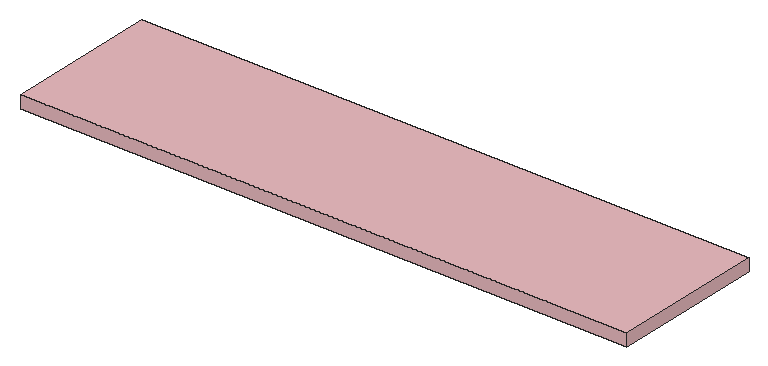
Revit family "Envirocoustic-Wood-Wool-panel", category Specialty Equipment, Revit 2024
Family settings
  Round Connector Dimension = Use Diameter
  Part Type = Normal
  OmniClass Number = 23.35.00.00
  OmniClass Title = Covering, Cladding, and Finishes
  Work Plane-Based = Yes
  Enable Cutting in Views = Yes
  Always vertical = No
  Cut with Voids When Loaded = No
  Maintain Annotation Orientation = No
  Shared = No
  Room Calculation Point = No
Parameters (values of type "2" Square 2ft x 8ft Custom Painted")
  URL = "https://www.acousticalsurfaces.com/envirocoustic-wood-wool/ceiling-wall-panels/"
  Type Comments = "Acoustic panels for vertical and horizontal surfaces"
  Thickness Options = 2
  T = if(Thickness Options = 0, 0' 1", 0' 0") + if(Thickness Options = 1, 0' 1 3/8", 0' 0") + if(Thickness Options = 2, 0' 2", 0' 0")  # 0' - 2"
  Recycled Content Percentage = "0%"
  Model = "Envirocoustic Wood Wool"
  Material = "Envirocoustic Wood Wool"
  Manufacturer = "Acoustical Surfaces, Inc."
  Fire Rating = "ASTM E84 - Class A"
  Finish = Paint - Acoustical-Surfaces - Custom Painted
  Edge Option = 2
  ‍     2. Square = Edge Option = 2  # yes
  ‍     1. Beveled = Edge Option = 1  # no
  Width = 2' - 0"
  Length = 8' - 0"
  ‍      2. Thickness 2" = Thickness Options = 2  # yes
  ‍      1. Thickness 1-3/8" = Thickness Options = 1  # no
  ‍      0. Thickness 1" = Thickness Options = 0  # no
  Description = "Acoustic Panels"
  Default Elevation = 4' - 0"
  Backfill = no
  Assembly Code = "C30"
  Acoustics - NRC = "Sound absorption varies from NRC 0.45 to 0.95 based on installation method used when tested per ASTM C423."
  A = if(Backfill, 0' 1", 0' 0")  # 0' - 0"
Types (72): name | Thickness Options | T | Finish | Edge Option | ‍     2. Square | ‍     1. Beveled | Length | ‍      2. Thickness 2" | ‍      1. Thickness 1-3/8" | ‍      0. Thickness 1" | Default Elevation | Backfill | A
  2" Square 2ft x 8ft Custom Painted | 2 | 0' - 2" | Paint - Acoustical-Surfaces - Custom Painted | 2 | yes | no | 8' - 0" | yes | no | no | 4' - 0" | no | 0' - 0"
  2" Square 2ft x 4ft Custom Painted | 2 | 0' - 2" | Paint - Acoustical-Surfaces - Custom Painted | 2 | yes | no | 4' - 0" | yes | no | no | 4' - 0" | no | 0' - 0"
  2" Square 2ft x 8ft Custom Painted With Backfill | 2 | 0' - 2" | Paint - Acoustical-Surfaces - Custom Painted | 2 | yes | no | 8' - 0" | yes | no | no | 4' - 0" | yes | 0' - 1"
  2" Square 2ft x 4ft Custom Painted With Backfill | 2 | 0' - 2" | Paint - Acoustical-Surfaces - Custom Painted | 2 | yes | no | 4' - 0" | yes | no | no | 4' - 0" | yes | 0' - 1"
  2" Square 2ft x 8ft Primed White | 2 | 0' - 2" | Paint - Acoustical-Surfaces - Primed White | 2 | yes | no | 8' - 0" | yes | no | no | 4' - 0" | no | 0' - 0"
  2" Square 2ft x 4ft Primed White | 2 | 0' - 2" | Paint - Acoustical-Surfaces - Primed White | 2 | yes | no | 4' - 0" | yes | no | no | 4' - 0" | no | 0' - 0"
  2" Square 2ft x 8ft Primed White With Backfill | 2 | 0' - 2" | Paint - Acoustical-Surfaces - Primed White | 2 | yes | no | 8' - 0" | yes | no | no | 4' - 0" | yes | 0' - 1"
  2" Square 2ft x 4ft Primed White With Backfill | 2 | 0' - 2" | Paint - Acoustical-Surfaces - Primed White | 2 | yes | no | 4' - 0" | yes | no | no | 4' - 0" | yes | 0' - 1"
  2" Square 2ft x 8ft Primed Clear | 2 | 0' - 2" | Paint - Acoustical-Surfaces - Primed Clear | 2 | yes | no | 8' - 0" | yes | no | no | 4' - 0" | no | 0' - 0"
  2" Square 2ft x 4ft Primed Clear | 2 | 0' - 2" | Paint - Acoustical-Surfaces - Primed Clear | 2 | yes | no | 4' - 0" | yes | no | no | 4' - 0" | no | 0' - 0"
  2" Square 2ft x 8ft Primed Clear With Backfill | 2 | 0' - 2" | Paint - Acoustical-Surfaces - Primed Clear | 2 | yes | no | 8' - 0" | yes | no | no | 4' - 0" | yes | 0' - 1"
  2" Square 2ft x 4ft Primed Clear With Backfill | 2 | 0' - 2" | Paint - Acoustical-Surfaces - Primed Clear | 2 | yes | no | 4' - 0" | yes | no | no | 4' - 0" | yes | 0' - 1"
  2" Beveled 2ft x 8ft Custom Painted | 2 | 0' - 2" | Paint - Acoustical-Surfaces - Custom Painted | 1 | no | yes | 8' - 0" | yes | no | no | 4' - 0" | no | 0' - 0"
  2" Beveled 2ft x 4ft Custom Painted | 2 | 0' - 2" | Paint - Acoustical-Surfaces - Custom Painted | 1 | no | yes | 4' - 0" | yes | no | no | 2' - 0" | no | 0' - 0"
  2" Beveled 2ft x 8ft Custom Painted With Backfill | 2 | 0' - 2" | Paint - Acoustical-Surfaces - Custom Painted | 1 | no | yes | 8' - 0" | yes | no | no | 4' - 0" | yes | 0' - 1"
  2" Beveled 2ft x 4ft Custom Painted With Backfill | 2 | 0' - 2" | Paint - Acoustical-Surfaces - Custom Painted | 1 | no | yes | 4' - 0" | yes | no | no | 4' - 0" | yes | 0' - 1"
  2" Beveled 2ft x 8ft Primed White | 2 | 0' - 2" | Paint - Acoustical-Surfaces - Primed White | 1 | no | yes | 8' - 0" | yes | no | no | 4' - 0" | no | 0' - 0"
  2" Beveled 2ft x 4ft Primed White | 2 | 0' - 2" | Paint - Acoustical-Surfaces - Primed White | 1 | no | yes | 4' - 0" | yes | no | no | 4' - 0" | no | 0' - 0"
  2" Beveled 2ft x 8ft Primed White With Backfill | 2 | 0' - 2" | Paint - Acoustical-Surfaces - Primed White | 1 | no | yes | 8' - 0" | yes | no | no | 4' - 0" | yes | 0' - 1"
  2" Beveled 2ft x 4ft Primed White With Backfill | 2 | 0' - 2" | Paint - Acoustical-Surfaces - Primed White | 1 | no | yes | 4' - 0" | yes | no | no | 4' - 0" | yes | 0' - 1"
  2" Beveled 2ft x 8ft Primed Clear | 2 | 0' - 2" | Paint - Acoustical-Surfaces - Primed Clear | 1 | no | yes | 8' - 0" | yes | no | no | 4' - 0" | no | 0' - 0"
  2" Beveled 2ft x 4ft Primed Clear | 2 | 0' - 2" | Paint - Acoustical-Surfaces - Primed Clear | 1 | no | yes | 4' - 0" | yes | no | no | 4' - 0" | no | 0' - 0"
  2" Beveled 2ft x 8ft Primed Clear With Backfill | 2 | 0' - 2" | Paint - Acoustical-Surfaces - Primed Clear | 1 | no | yes | 8' - 0" | yes | no | no | 4' - 0" | yes | 0' - 1"
  2" Beveled 2ft x 4ft Primed Clear With Backfill | 2 | 0' - 2" | Paint - Acoustical-Surfaces - Primed Clear | 1 | no | yes | 4' - 0" | yes | no | no | 4' - 0" | yes | 0' - 1"
  1 3/8" Square 2ft x 8ft Custom Painted | 1 | 0' - 1 3/8" | Paint - Acoustical-Surfaces - Custom Painted | 2 | yes | no | 8' - 0" | no | yes | no | 4' - 0" | no | 0' - 0"
  1 3/8" Square 2ft x 4ft Custom Painted | 1 | 0' - 1 3/8" | Paint - Acoustical-Surfaces - Custom Painted | 2 | yes | no | 4' - 0" | no | yes | no | 4' - 0" | no | 0' - 0"
  1 3/8" Square 2ft x 8ft Custom Painted With Backfill | 1 | 0' - 1 3/8" | Paint - Acoustical-Surfaces - Custom Painted | 2 | yes | no | 8' - 0" | no | yes | no | 4' - 0" | yes | 0' - 1"
  1 3/8" Square 2ft x 4ft Custom Painted With Backfill | 1 | 0' - 1 3/8" | Paint - Acoustical-Surfaces - Custom Painted | 2 | yes | no | 4' - 0" | no | yes | no | 4' - 0" | yes | 0' - 1"
  1 3/8" Square 2ft x 8ft Primed White | 1 | 0' - 1 3/8" | Paint - Acoustical-Surfaces - Primed White | 2 | yes | no | 8' - 0" | no | yes | no | 4' - 0" | no | 0' - 0"
  1 3/8" Square 2ft x 4ft Primed White | 1 | 0' - 1 3/8" | Paint - Acoustical-Surfaces - Primed White | 2 | yes | no | 4' - 0" | no | yes | no | 4' - 0" | no | 0' - 0"
  1 3/8" Square 2ft x 8ft Primed White With Backfill | 1 | 0' - 1 3/8" | Paint - Acoustical-Surfaces - Primed White | 2 | yes | no | 8' - 0" | no | yes | no | 4' - 0" | yes | 0' - 1"
  1 3/8" Square 2ft x 4ft Primed White With Backfill | 1 | 0' - 1 3/8" | Paint - Acoustical-Surfaces - Primed White | 2 | yes | no | 4' - 0" | no | yes | no | 4' - 0" | yes | 0' - 1"
  1 3/8" Square 2ft x 8ft Primed Clear | 1 | 0' - 1 3/8" | Paint - Acoustical-Surfaces - Primed Clear | 2 | yes | no | 8' - 0" | no | yes | no | 4' - 0" | no | 0' - 0"
  1 3/8" Square 2ft x 4ft Primed Clear | 1 | 0' - 1 3/8" | Paint - Acoustical-Surfaces - Primed Clear | 2 | yes | no | 4' - 0" | no | yes | no | 4' - 0" | no | 0' - 0"
  1 3/8" Square 2ft x 8ft Primed Clear With Backfill | 1 | 0' - 1 3/8" | Paint - Acoustical-Surfaces - Primed Clear | 2 | yes | no | 8' - 0" | no | yes | no | 4' - 0" | yes | 0' - 1"
  1 3/8" Square 2ft x 4ft Primed Clear With Backfill | 1 | 0' - 1 3/8" | Paint - Acoustical-Surfaces - Primed Clear | 2 | yes | no | 4' - 0" | no | yes | no | 4' - 0" | yes | 0' - 1"
  1 3/8" Beveled 2ft x 8ft Custom Painted | 1 | 0' - 1 3/8" | Paint - Acoustical-Surfaces - Custom Painted | 1 | no | yes | 8' - 0" | no | yes | no | 4' - 0" | no | 0' - 0"
  1 3/8" Beveled 2ft x 4ft Custom Painted | 1 | 0' - 1 3/8" | Paint - Acoustical-Surfaces - Custom Painted | 1 | no | yes | 4' - 0" | no | yes | no | 4' - 0" | no | 0' - 0"
  1 3/8" Beveled 2ft x 8ft Custom Painted With Backfill | 1 | 0' - 1 3/8" | Paint - Acoustical-Surfaces - Custom Painted | 1 | no | yes | 8' - 0" | no | yes | no | 4' - 0" | yes | 0' - 1"
  1 3/8" Beveled 2ft x 4ft Custom Painted With Backfill | 1 | 0' - 1 3/8" | Paint - Acoustical-Surfaces - Custom Painted | 1 | no | yes | 4' - 0" | no | yes | no | 4' - 0" | yes | 0' - 1"
  1 3/8" Beveled 2ft x 8ft Primed White | 1 | 0' - 1 3/8" | Paint - Acoustical-Surfaces - Primed White | 1 | no | yes | 8' - 0" | no | yes | no | 4' - 0" | no | 0' - 0"
  1 3/8" Beveled 2ft x 4ft Primed White | 1 | 0' - 1 3/8" | Paint - Acoustical-Surfaces - Primed White | 1 | no | yes | 4' - 0" | no | yes | no | 4' - 0" | no | 0' - 0"
  1 3/8" Beveled 2ft x 8ft Primed White With Backfill | 1 | 0' - 1 3/8" | Paint - Acoustical-Surfaces - Primed White | 1 | no | yes | 8' - 0" | no | yes | no | 4' - 0" | yes | 0' - 1"
  1 3/8" Beveled 2ft x 4ft Primed White With Backfill | 1 | 0' - 1 3/8" | Paint - Acoustical-Surfaces - Primed White | 1 | no | yes | 4' - 0" | no | yes | no | 4' - 0" | yes | 0' - 1"
  1 3/8" Beveled 2ft x 8ft Primed Clear | 1 | 0' - 1 3/8" | Paint - Acoustical-Surfaces - Primed Clear | 1 | no | yes | 8' - 0" | no | yes | no | 4' - 0" | no | 0' - 0"
  1 3/8" Beveled 2ft x 4ft Primed Clear | 1 | 0' - 1 3/8" | Paint - Acoustical-Surfaces - Primed Clear | 1 | no | yes | 4' - 0" | no | yes | no | 4' - 0" | no | 0' - 0"
  1 3/8" Beveled 2ft x 8ft Primed Clear With Backfill | 1 | 0' - 1 3/8" | Paint - Acoustical-Surfaces - Primed Clear | 1 | no | yes | 8' - 0" | no | yes | no | 4' - 0" | yes | 0' - 1"
  1 3/8" Beveled 2ft x 4ft Primed Clear With Backfill | 1 | 0' - 1 3/8" | Paint - Acoustical-Surfaces - Primed Clear | 1 | no | yes | 4' - 0" | no | yes | no | 4' - 0" | yes | 0' - 1"
  1" Square 2ft x 8ft Custom Painted | 0 | 0' - 1" | Paint - Acoustical-Surfaces - Custom Painted | 2 | yes | no | 8' - 0" | no | no | yes | 4' - 0" | no | 0' - 0"
  1" Square 2ft x 4ft Custom Painted | 0 | 0' - 1" | Paint - Acoustical-Surfaces - Custom Painted | 2 | yes | no | 4' - 0" | no | no | yes | 4' - 0" | no | 0' - 0"
  1" Square 2ft x 8ft Primed White | 0 | 0' - 1" | Paint - Acoustical-Surfaces - Primed White | 2 | yes | no | 8' - 0" | no | no | yes | 4' - 0" | no | 0' - 0"
  1" Square 2ft x 4ft Primed White | 0 | 0' - 1" | Paint - Acoustical-Surfaces - Primed White | 2 | yes | no | 4' - 0" | no | no | yes | 4' - 0" | no | 0' - 0"
  1" Square 2ft x 8ft Primed Clear | 0 | 0' - 1" | Paint - Acoustical-Surfaces - Primed Clear | 2 | yes | no | 8' - 0" | no | no | yes | 4' - 0" | no | 0' - 0"
  1" Square 2ft x 4ft Primed Clear | 0 | 0' - 1" | Paint - Acoustical-Surfaces - Primed Clear | 2 | yes | no | 4' - 0" | no | no | yes | 4' - 0" | no | 0' - 0"
  1" Square 2ft x 8ft Custom Painted With Backfill | 0 | 0' - 1" | Paint - Acoustical-Surfaces - Custom Painted | 2 | yes | no | 8' - 0" | no | no | yes | 4' - 0" | yes | 0' - 1"
  1" Square 2ft x 4ft Custom Painted With Backfill | 0 | 0' - 1" | Paint - Acoustical-Surfaces - Custom Painted | 2 | yes | no | 4' - 0" | no | no | yes | 4' - 0" | yes | 0' - 1"
  1" Square 2ft x 8ft Primed White With Backfill | 0 | 0' - 1" | Paint - Acoustical-Surfaces - Primed White | 2 | yes | no | 8' - 0" | no | no | yes | 4' - 0" | yes | 0' - 1"
  1" Square 2ft x 4ft Primed White With Backfill | 0 | 0' - 1" | Paint - Acoustical-Surfaces - Primed White | 2 | yes | no | 4' - 0" | no | no | yes | 4' - 0" | yes | 0' - 1"
  1" Square 2ft x 8ft Primed Clear With Backfill | 0 | 0' - 1" | Paint - Acoustical-Surfaces - Primed Clear | 2 | yes | no | 8' - 0" | no | no | yes | 4' - 0" | yes | 0' - 1"
  1" Square 2ft x 4ft Primed Clear With Backfill | 0 | 0' - 1" | Paint - Acoustical-Surfaces - Primed Clear | 2 | yes | no | 4' - 0" | no | no | yes | 4' - 0" | yes | 0' - 1"
  1" Beveled 2ft x 8ft Custom Painted | 0 | 0' - 1" | Paint - Acoustical-Surfaces - Custom Painted | 1 | no | yes | 8' - 0" | no | no | yes | 4' - 0" | no | 0' - 0"
  1" Beveled 2ft x 4ft Custom Painted | 0 | 0' - 1" | Paint - Acoustical-Surfaces - Custom Painted | 1 | no | yes | 4' - 0" | no | no | yes | 4' - 0" | no | 0' - 0"
  1" Beveled 2ft x 8ft Primed White | 0 | 0' - 1" | Paint - Acoustical-Surfaces - Primed White | 1 | no | yes | 8' - 0" | no | no | yes | 4' - 0" | no | 0' - 0"
  1" Beveled 2ft x 4ft Primed White | 0 | 0' - 1" | Paint - Acoustical-Surfaces - Primed White | 1 | no | yes | 4' - 0" | no | no | yes | 4' - 0" | no | 0' - 0"
  1" Beveled 2ft x 8ft Primed Clear | 0 | 0' - 1" | Paint - Acoustical-Surfaces - Primed Clear | 1 | no | yes | 8' - 0" | no | no | yes | 4' - 0" | no | 0' - 0"
  1" Beveled 2ft x 4ft Primed Clear | 0 | 0' - 1" | Paint - Acoustical-Surfaces - Primed Clear | 1 | no | yes | 4' - 0" | no | no | yes | 4' - 0" | no | 0' - 0"
  1" Beveled 2ft x 8ft Custom Painted With Backfill | 0 | 0' - 1" | Paint - Acoustical-Surfaces - Custom Painted | 1 | no | yes | 8' - 0" | no | no | yes | 4' - 0" | yes | 0' - 1"
  1" Beveled 2ft x 4ft Custom Painted With Backfill | 0 | 0' - 1" | Paint - Acoustical-Surfaces - Custom Painted | 1 | no | yes | 4' - 0" | no | no | yes | 4' - 0" | yes | 0' - 1"
  1" Beveled 2ft x 8ft Primed White With Backfill | 0 | 0' - 1" | Paint - Acoustical-Surfaces - Primed White | 1 | no | yes | 8' - 0" | no | no | yes | 4' - 0" | yes | 0' - 1"
  1" Beveled 2ft x 4ft Primed White With Backfill | 0 | 0' - 1" | Paint - Acoustical-Surfaces - Primed White | 1 | no | yes | 4' - 0" | no | no | yes | 4' - 0" | yes | 0' - 1"
  1" Beveled 2ft x 8ft Primed Clear With Backfill | 0 | 0' - 1" | Paint - Acoustical-Surfaces - Primed Clear | 1 | no | yes | 8' - 0" | no | no | yes | 4' - 0" | yes | 0' - 1"
  1" Beveled 2ft x 4ft Primed Clear With Backfill | 0 | 0' - 1" | Paint - Acoustical-Surfaces - Primed Clear | 1 | no | yes | 4' - 0" | no | no | yes | 4' - 0" | yes | 0' - 1"
Reference planes (in)
  plane 1 "Center (Front/Back)": y = 0
  plane 2: z = 0
  plane 3 "Center (Left/Right)": x = 0
  plane 4: x = -48
  plane 5: x = 48
  plane 6: y = 12
  plane 7: y = -12
  plane 8: z = 2
Dimensions and locks (in)
  "A": nested 1 to plane 2
  "A": nested 2 to level
  equal spacing: plane 4, plane 3 "Center (Left/Right)", plane 5
  equal spacing: plane 7, plane 1 "Center (Front/Back)", plane 6
  "Length": plane 4 to plane 5
  "Width": plane 7 to plane 6
  "T": plane 8 to plane 2
  aligned and locked: level to plane 2
Nested families (in)
  nested 1: "Beveled" at (0, 0, 0), visible <- "‍     1. Beveled", type "Beveled"
    with Thickness 0' - 2", A 8' - 0"
  nested 2: "Square" at (0, 0, 0), visible <- "‍     2. Square", type "Square"
    with Thickness 0' - 2", A 8' - 0"
  nested 3: "Backfill" at (0, 0, 0), visible <- "Backfill", type "Backfill"
    with Width 2' - 0", Length 8' - 0"
Definition of nested family "Beveled"
  Parameters (values of type "Beveled")
    Thickness = 0' - 1"
    Material = none
    Default Elevation = 0' - 0"
    B = 2' - 0"
    A = 4' - 0"
  Reference planes (in)
    plane 1 "Center (Front/Back)": y = 0
    plane 2: z = 0
    plane 3 "Center (Left/Right)": x = 0
    plane 4: x = -24
    plane 5: x = 24
    plane 6: y = 12
    plane 7: y = -12
    plane 8: z = 1
  Forms (in)
    Extrusion 1, solid, material <- "Material"
      sketch origin (0, 0, 0) x (1, 0, 0) y (0, 1, 0)
        loop
          line (24, 12) -> (-24, 12) -> (-24, -12) -> (24, -12) -> (24, 12)
      from 0 to 1
    Sweep 2, void
      path in 3D
        loop
          line (24, 12, 1) -> (-24, 12, 1) -> (-24, -12, 1) -> (24, -12, 1) -> (24, 12, 1)
      profile "Triangle : Family2" origin (24, 0, 1) x (-1, 0, 0) y (0, 0, 1)
        loop
          line (0, 0) -> (0, -0.315) -> (0.315, 0) -> (0, 0)
  Cuts and joins
    Sweep 2 cuts Extrusion 1
  Lines and regions (in)
    sketch lines
      curve 1: line (24, -12, 1) -> (24, 12, 1)
      curve 2: line (-24, -12, 1) -> (24, -12, 1)
      curve 3: line (-24, 12, 1) -> (-24, -12, 1)
      curve 4: line (24, 12, 1) -> (-24, 12, 1)
  Dimensions and locks (in)
    equal spacing: plane 4, plane 3 "Center (Left/Right)", plane 5
    equal spacing: plane 7, plane 1 "Center (Front/Back)", plane 6
    "B": plane 7 to plane 6
    "A": plane 4 to plane 5
    "Thickness": plane 8 to level
    aligned and locked: level to plane 2
    aligned and locked: Extrusion 1 sketch curve to plane 4
    aligned and locked: plane 5 to Extrusion 1 sketch curve
    aligned and locked: Extrusion 1 sketch curve to plane 6
    aligned and locked: Extrusion 1 sketch curve to plane 7
    aligned and locked: Extrusion 1 to plane 8
Definition of nested family "Square"
  Parameters (values of type "Square")
    Thickness = 0' - 1"
    Material = none
    Default Elevation = 0' - 0"
    B = 2' - 0"
    A = 4' - 0"
  Reference planes (in)
    plane 1 "Center (Front/Back)": y = 0
    plane 2: z = 0
    plane 3 "Center (Left/Right)": x = 0
    plane 4: x = -24
    plane 5: x = 24
    plane 6: y = 12
    plane 7: y = -12
    plane 8: z = 1
  Forms (in)
    Extrusion 1, solid, material <- "Material"
      sketch origin (0, 0, 0) x (1, 0, 0) y (0, 1, 0)
        loop
          line (24, 12) -> (-24, 12) -> (-24, -12) -> (24, -12) -> (24, 12)
      from 0 to 1
  Dimensions and locks (in)
    equal spacing: plane 4, plane 3 "Center (Left/Right)", plane 5
    equal spacing: plane 7, plane 1 "Center (Front/Back)", plane 6
    "B": plane 7 to plane 6
    "A": plane 4 to plane 5
    "Thickness": plane 8 to level
    aligned and locked: level to plane 2
    aligned and locked: Extrusion 1 sketch curve to plane 4
    aligned and locked: plane 5 to Extrusion 1 sketch curve
    aligned and locked: Extrusion 1 sketch curve to plane 6
    aligned and locked: Extrusion 1 sketch curve to plane 7
    aligned and locked: Extrusion 1 to plane 8
Definition of nested family "Backfill"
  Parameters (values of type "Family4")
    Width = 6' - 3.7874"
    Thickness = 0' - 1"
    Length = 7' - 4.94292"
    Default Elevation = 0' - 0"
  Reference planes (in)
    plane 1 "Center (Front/Back)": y = 0
    plane 2: z = 0
    plane 3 "Center (Left/Right)": x = 0
    plane 4: x = -44.47146
    plane 5: x = 44.47146
    plane 6: y = 37.8937
    plane 7: y = -37.8937
    plane 8: z = 1
  Forms (in)
    Extrusion 1, solid
      sketch origin (0, 0, 0) x (1, 0, 0) y (0, 1, 0)
        loop
          line (-44.47146, 37.8937) -> (-44.47146, -37.8937) -> (44.47146, -37.8937) -> (44.47146, 37.8937) -> (-44.47146, 37.8937)
      from 0 to 1
  Dimensions and locks (in)
    equal spacing: plane 4, plane 3 "Center (Left/Right)", plane 5
    "Length": plane 4 to plane 5
    equal spacing: plane 7, plane 1 "Center (Front/Back)", plane 6
    "Width": plane 7 to plane 6
    "Thickness": plane 8 to plane 2
    aligned and locked: level to plane 2
    aligned and locked: Extrusion 1 sketch curve to plane 5
    aligned and locked: plane 4 to Extrusion 1 sketch curve
    aligned and locked: plane 6 to Extrusion 1 sketch curve
    aligned and locked: plane 7 to Extrusion 1 sketch curve
    aligned and locked: plane 8 to Extrusion 1
    aligned and locked: Extrusion 1 to level
